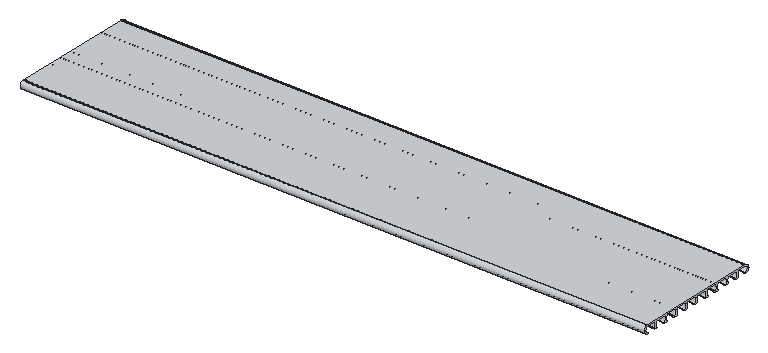
Revit family "Shelf-10in_Rakks", category Specialty Equipment, Revit 2026
Family settings
  Round Connector Dimension = Use Diameter
  Part Type = Normal
  Classification Number = 23.40.50.31.11.14
  Work Plane-Based = No
  Enable Cutting in Views = No
  Always vertical = Yes
  Cut with Voids When Loaded = No
  Maintain Annotation Orientation = No
  Shared = Yes
  Room Calculation Point = No
Parameters
  Warranty Duration (Years) = 0
  Unit Width [instance] = 4' - 0"
  Unit Depth = 0' - 10"
  URL = "http://www.rakks.com/"
  Test Data = "http://www.rakks.com/pdfs/Rangine_Corporation_Leed_Statement.pdf"
  Specification = "http://www.arcat.com/sdspecs/htm/10670rak.htm"
  Send Message = "http://www.arcat.com/users.pl?action=UserEmail&company=Rangine%20Corp.%20-%20Rakks&coid=35076&rep=116&fax=781-455-8702&mf="
  Sales Information = "http://store.rakks.com/"
  Revision = "R1_03-2010"
  Product Properties = "http://www.arcat.com/bim/bim_info.pl?fn=Shelving_Rakks"
  Product Data = "http://www.arcat.com/arcatcos/cos35/arc35076.html"
  Model = ""
  Material = Metal - Clear Anodized
  Manufacturer Website = "http://www.rakks.com/"
  Manufacturer Phone - Toll Free = "800-826-6006"
  Manufacturer Phone = "781-455-8700"
  Manufacturer Fax = "781-455-8702"
  Manufacturer Address = "330 Reservoir St., Needham, MA 02494"
  Manufacturer = "Rangine Corp. - Rakks"
  Maintenance Schedule (Months) = 0
  Keynote = "10 56 00"
  Installation-Fabrication = "http://www.rakks.com/literature/install.html"
  Installation Phase = ""
  Green Building-LEED = "http://www.arcat.com/green/clients/leed_data_35076.html"
  Expected Lifespan (Years) = 0
  Drawn By = "Robert S. Weygant, CSI, CDT, SCIP"
  Description = ""
  Default Elevation = 0' - 0"
  Copyright = "2010, ARCAT, Inc"
  Construction Details = "http://www.arcat.com/details/rangine/rangine.html?coid=35076"
  Capacity (Weight) = 0.00 lbf
  Building Codes = ""
  Assembly Code = "E1010500"
Reference planes (in)
  plane 1 "Back": y = 0
  plane 2: z = 0
  plane 3 "Center (Left/Right)": x = 0
  plane 4: x = -24
  plane 5: x = 24
Forms (in)
  Extrusion 1, solid
    sketch origin (0, 0, 0.00216) x (0, 1, 0) y (0, 0, 1)
      loop
        line (-9.61991, 0.5821) -> (-9.64593, 0.55608) -> (-9.67824, 0.55608)
        arc (-9.67824, 0.55608) -> (-9.95782, 0.2912) -> (-9.70842, -0.00227) r 0.27999
        arc (-9.70842, -0.00227) -> (-9.67809, 0.02211) -> (-9.70244, 0.05246) r 0.02753
        arc (-9.70244, 0.05246) -> (-9.90245, 0.28844) -> (-9.67779, 0.5011) r 0.225
        line (-9.67779, 0.5011) -> (-9.02568, 0.5011)
        arc (-9.02568, 0.5011) -> (-8.95089, 0.28531) -> (-8.98823, 0.06) r 0.4635
        line (-8.98823, 0.06) -> (-8.98823, -0.0039) -> (-8.84255, -0.0039)
        arc (-8.84255, -0.0039) -> (-8.8296, 0.00353) -> (-8.82948, 0.01846) r 0.015
        arc (-8.82948, 0.01846) -> (-8.88895, 0.26213) -> (-8.81278, 0.5011) r 0.4635
        line (-8.81278, 0.5011) -> (-8.03868, 0.5011)
        arc (-8.03868, 0.5011) -> (-7.96251, 0.26213) -> (-8.02198, 0.01846) r 0.4635
        arc (-8.02198, 0.01846) -> (-8.02186, 0.00353) -> (-8.00891, -0.0039) r 0.015
        line (-8.00891, -0.0039) -> (-7.85555, -0.0039)
        arc (-7.85555, -0.0039) -> (-7.8426, 0.00353) -> (-7.84248, 0.01846) r 0.015
        arc (-7.84248, 0.01846) -> (-7.90195, 0.26213) -> (-7.82578, 0.5011) r 0.4635
        line (-7.82578, 0.5011) -> (-7.05168, 0.5011)
        arc (-7.05168, 0.5011) -> (-6.97551, 0.26213) -> (-7.03498, 0.01846) r 0.4635
        arc (-7.03498, 0.01846) -> (-7.03486, 0.00353) -> (-7.02191, -0.0039) r 0.015
        line (-7.02191, -0.0039) -> (-6.86855, -0.0039)
        arc (-6.86855, -0.0039) -> (-6.8556, 0.00353) -> (-6.85548, 0.01846) r 0.015
        arc (-6.85548, 0.01846) -> (-6.91495, 0.26213) -> (-6.83878, 0.5011) r 0.4635
        line (-6.83878, 0.5011) -> (-6.08468, 0.5011)
        arc (-6.08468, 0.5011) -> (-6.00854, 0.263) -> (-6.06712, 0.01999) r 0.4635
        arc (-6.06712, 0.01999) -> (-6.06696, 0.0052) -> (-6.05412, -0.00216) r 0.01489
        line (-6.05412, -0.00216) -> (-5.90332, -0.00216)
        arc (-5.90332, -0.00216) -> (-5.89037, 0.00528) -> (-5.89025, 0.02021) r 0.015
        arc (-5.89025, 0.02021) -> (-5.94972, 0.26387) -> (-5.87355, 0.50284) r 0.4635
        line (-5.87355, 0.50284) -> (-5.11945, 0.50284)
        arc (-5.11945, 0.50284) -> (-5.04328, 0.26387) -> (-5.10275, 0.02021) r 0.4635
        arc (-5.10275, 0.02021) -> (-5.10263, 0.00528) -> (-5.08968, -0.00216) r 0.015
        line (-5.08968, -0.00216) -> (-4.93632, -0.00216)
        arc (-4.93632, -0.00216) -> (-4.92337, 0.00528) -> (-4.92325, 0.02021) r 0.015
        arc (-4.92325, 0.02021) -> (-4.98272, 0.26387) -> (-4.90655, 0.50284) r 0.4635
        line (-4.90655, 0.50284) -> (-4.13245, 0.50284)
        arc (-4.13245, 0.50284) -> (-4.05628, 0.26387) -> (-4.11575, 0.02021) r 0.4635
        arc (-4.11575, 0.02021) -> (-4.11563, 0.00528) -> (-4.10268, -0.00216) r 0.015
        line (-4.10268, -0.00216) -> (-3.94932, -0.00216)
        arc (-3.94932, -0.00216) -> (-3.93637, 0.00528) -> (-3.93625, 0.02021) r 0.015
        arc (-3.93625, 0.02021) -> (-3.99572, 0.26387) -> (-3.91955, 0.50284) r 0.4635
        line (-3.91955, 0.50284) -> (-3.14545, 0.50284)
        arc (-3.14545, 0.50284) -> (-3.06928, 0.26387) -> (-3.12875, 0.02021) r 0.4635
        arc (-3.12875, 0.02021) -> (-3.12863, 0.00528) -> (-3.11568, -0.00216) r 0.015
        line (-3.11568, -0.00216) -> (-2.96232, -0.00216)
        arc (-2.96232, -0.00216) -> (-2.94937, 0.00528) -> (-2.94925, 0.02021) r 0.015
        arc (-2.94925, 0.02021) -> (-3.00872, 0.26387) -> (-2.93255, 0.50284) r 0.4635
        line (-2.93255, 0.50284) -> (-2.15845, 0.50284)
        arc (-2.15845, 0.50284) -> (-2.08228, 0.26387) -> (-2.14175, 0.02021) r 0.4635
        arc (-2.14175, 0.02021) -> (-2.14163, 0.00528) -> (-2.12868, -0.00216) r 0.015
        line (-2.12868, -0.00216) -> (-1.97532, -0.00216)
        arc (-1.97532, -0.00216) -> (-1.96237, 0.00528) -> (-1.96225, 0.02021) r 0.015
        arc (-1.96225, 0.02021) -> (-2.02172, 0.26387) -> (-1.94555, 0.50284) r 0.4635
        line (-1.94555, 0.50284) -> (-1.17145, 0.50284)
        arc (-1.17145, 0.50284) -> (-1.09528, 0.26387) -> (-1.15475, 0.02021) r 0.4635
        arc (-1.15475, 0.02021) -> (-1.15463, 0.00528) -> (-1.14168, -0.00216) r 0.015
        line (-1.14168, -0.00216) -> (-0.98832, -0.00216)
        arc (-0.98832, -0.00216) -> (-0.97537, 0.00528) -> (-0.97525, 0.02021) r 0.015
        arc (-0.97525, 0.02021) -> (-1.03472, 0.26387) -> (-0.95855, 0.50284) r 0.4635
        line (-0.95855, 0.50284) -> (-0.28, 0.50284)
        arc (-0.28, 0.50284) -> (-0.05533, 0.29011) -> (-0.2555, 0.05418) r 0.225
        arc (-0.2555, 0.05418) -> (-0.27984, 0.02385) -> (-0.2495, -0.00049) r 0.0275
        arc (-0.2495, -0.00049) -> (-0.00005, 0.28308) -> (-0.25994, 0.55712) r 0.28
        line (-0.25994, 0.55712) -> (-0.30397, 0.55712) -> (-0.32895, 0.5821) -> (-9.61991, 0.5821)
    from -24 to 24
Dimensions and locks (in)
  equal spacing: plane 4, plane 3 "Center (Left/Right)", plane 5
  "Unit Width": plane 4 to plane 5
  aligned and locked: Extrusion 1 to plane 4
  aligned and locked: plane 5 to Extrusion 1
Automatic sketch dimensions
  Extrusion 1 sketch curve to Extrusion 1 sketch curve = 0' - 0"  (x42)
  level to Extrusion 1 sketch curve = 0' - 0.58426"
  Extrusion 1 sketch curve to level = 0' - 0.00011"
  Extrusion 1 sketch curve to Extrusion 1 sketch curve = 0' - 0.00297"
  Extrusion 1 sketch curve to Extrusion 1 sketch curve = 0' - 0.00302"
  level to Extrusion 1 sketch curve = 0' - 0.55824"
  Extrusion 1 sketch curve to Extrusion 1 sketch curve = 0' - 0.0242"
  Extrusion 1 sketch curve to Extrusion 1 sketch curve = 0' - 0.00045"
  Extrusion 1 sketch curve to Extrusion 1 sketch curve = 0' - 0.0323"
  Extrusion 1 sketch curve to Extrusion 1 sketch curve = 0' - 0.02602"
  Extrusion 1 sketch curve to Extrusion 1 sketch curve = 0' - 0.26506"
  Extrusion 1 sketch curve to Extrusion 1 sketch curve = 0' - 0.38705"  (x8)
  Extrusion 1 sketch curve to Extrusion 1 sketch curve = 0' - 0.4245"
  Extrusion 1 sketch curve to Extrusion 1 sketch curve = 0' - 0.14568"
  Extrusion 1 sketch curve to Extrusion 1 sketch curve = 0' - 0.01307"  (x16)
  level to Extrusion 1 sketch curve = 0' - 0.50325"  (x3)
  Extrusion 1 sketch curve to Extrusion 1 sketch curve = 0' - 0.2129"  (x8)
  Extrusion 1 sketch curve to Extrusion 1 sketch curve = 0' - 0.40375"  (x11)
  Extrusion 1 sketch curve to Extrusion 1 sketch curve = 0' - 0.15336"  (x7)
  Extrusion 1 sketch curve to Extrusion 1 sketch curve = 0' - 0.38375"  (x3)
  Extrusion 1 sketch curve to Extrusion 1 sketch curve = 0' - 0.02"  (x2)
  Extrusion 1 sketch curve to Extrusion 1 sketch curve = 0' - 0.36705"  (x2)
  Extrusion 1 sketch curve to Extrusion 1 sketch curve = 0' - 0.38461"
  Extrusion 1 sketch curve to Extrusion 1 sketch curve = 0' - 0.013"
  Extrusion 1 sketch curve to Extrusion 1 sketch curve = 0' - 0.15081"
  level to Extrusion 1 sketch curve = 0' - 0.505"  (x6)
  Extrusion 1 sketch curve to Extrusion 1 sketch curve = 0' - 0.21113"
  plane 1 "Back" to Extrusion 1 sketch curve = 0' - 0.32895"
  Extrusion 1 sketch curve to Extrusion 1 sketch curve = 0' - 0.02498"
  Extrusion 1 sketch curve to Extrusion 1 sketch curve = 0' - 0.02397"
  Extrusion 1 sketch curve to Extrusion 1 sketch curve = 0' - 0.04403"
  Extrusion 1 sketch curve to Extrusion 1 sketch curve = 0' - 0.0245"
  Extrusion 1 sketch curve to Extrusion 1 sketch curve = 0' - 0.003"
  level to Extrusion 1 sketch curve = 0' - 0.55928"
  Extrusion 1 sketch curve to Extrusion 1 sketch curve = 0' - 0.505"
  Extrusion 1 sketch curve to Extrusion 1 sketch curve = 0' - 0.24825"
  Extrusion 1 sketch curve to Extrusion 1 sketch curve = 0' - 0.24833"
  Extrusion 1 sketch curve to Extrusion 1 sketch curve = 0' - 0.0639"
  Extrusion 1 sketch curve to Extrusion 1 sketch curve = 0' - 0.2915"
  level to Extrusion 1 sketch curve = 0' - 0 1/4"
